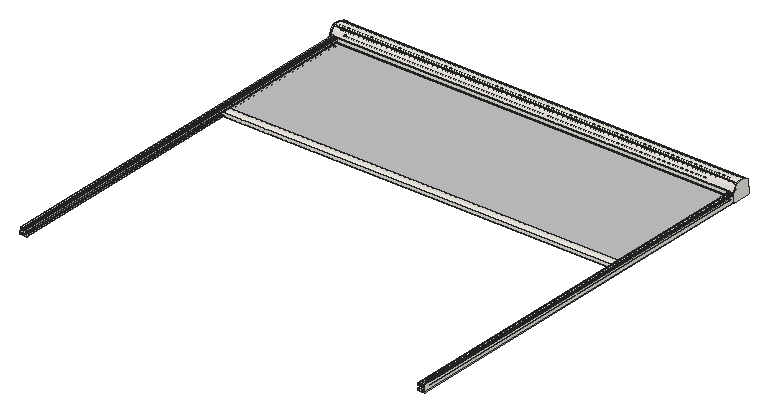
Revit family "Windows_Blinds_Nimex_Zip_130", category Specialty Equipment, host Face, Revit 2018 (continued)
Definition of nested family "Zip_130"
  Definition of nested family "Zip_130_Screen"
    Reference planes
      plane 3 "Center (Left/Right)": x = 0
      plane 4: x = -210
      plane 5: x = -250
      plane 6: x = 210
      plane 7: x = 250
      plane 8: z = 370
      plane 9: z = 371
      plane 10: z = 500
      plane 11: z = 220
    Forms (mm)
      Extrusion 1, solid, material <- "Screen"
        sketch origin (0, 0, 0) x (0, 1, 0) y (0, 0, 1)
          loop
            line (-0.5, 220) -> (0.5, 220) -> (0.5, 371) -> (-0.5, 371) -> (-0.5, 220)
        from -210 to 210
    Dimensions and locks
      locked: plane 4 to plane 5 at 40
      locked: plane 6 to plane 7 at 40
      equal spacing: plane 7, plane 3 "Center (Left/Right)", plane 5
      "TotalWidth": plane 7 to plane 5
      locked: plane 9 to plane 8 at 1
      "TotalHeight": plane 10 to plane 2
      "ScreenHeightControl": plane 8 to plane 11
      locked: plane 10 to plane 8 at 130
      aligned and locked: level to plane 2
      aligned and locked: Extrusion 1 to plane 4
      aligned and locked: plane 6 to Extrusion 1
      aligned and locked: plane 9 to Extrusion 1
      aligned and locked: Extrusion 1 to plane 11
    Automatic sketch dimensions
      level to Extrusion 1 sketch curve = 220 mm
      plane 1 "Center (Front/Back)" to Extrusion 1 sketch curve = 0.5 mm
      Extrusion 1 sketch curve to plane 8 = 1 mm
      Extrusion 1 sketch curve to plane 1 "Center (Front/Back)" = 0.5 mm
  Definition of nested family "Zip_130_Screen-Frame"
    Parameters (values of type "Zip_130_Sceen-Frame")
      TotalWidth [instance] = 300 mm
      Metal [instance] = none
    Reference planes
      plane 1 "Center (Front/Back)": y = 0
      plane 2: z = 0
      plane 3 "Center (Left/Right)": x = 0
      plane 4: x = -100
      plane 5: x = -150
      plane 6: x = 100
      plane 7: x = 150
      plane 8: z = 65
    Forms (mm)
      Extrusion 1, solid, material <- "Metal"
        sketch origin (0, 0, 0) x (0, 1, 0) y (0, 0, 1)
          loop
            arc (13.777, 1.233) -> (20.005, 32.5) -> (13.777, 63.766) r 81.6
            arc (13.777, 63.766) -> (13.04, 64.663) -> (11.929, 65) r 2.001
            line (11.929, 65) -> (-11.929, 65)
            arc (-11.929, 65) -> (-13.04, 64.663) -> (-13.777, 63.766) r 2.001
            arc (-13.777, 63.766) -> (-20.005, 32.5) -> (-13.777, 1.233) r 81.6
            arc (-13.777, 1.233) -> (-13.041, 0.337) -> (-11.93, 0) r 2
            line (-11.93, 0) -> (11.93, 0)
            arc (11.93, 0) -> (13.041, 0.337) -> (13.777, 1.233) r 2
        from -100 to 100
    Dimensions and locks
      locked: plane 4 to plane 5 at 50
      locked: plane 6 to plane 7 at 50
      equal spacing: plane 7, plane 3 "Center (Left/Right)", plane 5
      "TotalWidth": plane 7 to plane 5
      locked: plane 8 to plane 2 at 65
      aligned and locked: level to plane 2
      aligned and locked: Extrusion 1 to plane 4
      aligned and locked: Extrusion 1 to plane 6
    Automatic sketch dimensions
      Extrusion 1 sketch curve to level = 0 mm
      plane 1 "Center (Front/Back)" to Extrusion 1 sketch curve = 61.595 mm
      level to Extrusion 1 sketch curve = 2 mm  (x2)
      plane 1 "Center (Front/Back)" to Extrusion 1 sketch curve = 11.93 mm
      Extrusion 1 sketch curve to plane 8 = 2 mm  (x2)
      plane 1 "Center (Front/Back)" to Extrusion 1 sketch curve = 11.929 mm
      plane 8 to Extrusion 1 sketch curve = 0 mm
      Extrusion 1 sketch curve to plane 1 "Center (Front/Back)" = 11.929 mm
      Extrusion 1 sketch curve to plane 1 "Center (Front/Back)" = 11.93 mm
      Extrusion 1 sketch curve to Extrusion 1 sketch curve = 49.665 mm
      level to Extrusion 1 sketch curve = 32.5 mm  (x2)
      Extrusion 1 sketch curve to Extrusion 1 sketch curve = 0 mm  (x2)
